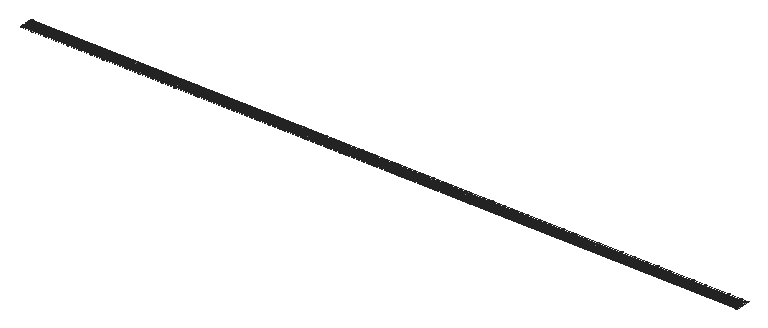
Revit family "Murfor Compact E-35 Masonry Reinforcement", category Specialty Equipment, Revit 2018
Family settings
  Round Connector Dimension = Use Diameter
  Part Type = Normal
  Work Plane-Based = No
  Always vertical = Yes
  Cut with Voids When Loaded = No
  Shared = No
  Room Calculation Point = No
Parameters (values of type "Murfor Compact E-35")
  Z = 36.50 mm
  Youngs Modulus - Gpa = 150
  Yield Strength - Mpa = 1300
  Y [instance] = X / 2  # 30
  X [instance] = Length L / Step c - 1  # 60
  Width - w = 35.00 mm
  Weight kg/ roll = "1.34kg per roll"
  URL = "https://www.bekaert.com/en/"
  Type Image = Murfor Compact E-35.PNG
  Type Comments = "A mesh consisiting of 7 steel coeds"
  Thickness - e = 1.75 mm
  Strain Agt = 2
  Step c = 33.00 mm
  Steel Section Total = 4.83 mm
  Pitch (short) - a = 5.00 mm
  Pitch (long) - b = 7.50 mm
  Material Coating Reference EN845-3 = "R1"
  Material = Austenitic Stainless Steel
  Manufacturer = "Bekaert"
  Longtidinal Cord = 0.69 mm
  Length L [instance] = 2000.00 mm
  Keynote = "suitable for all mortar joints with thickness between 3mm and 12mm."
  Description = "Compact masonry reinforcement, steel chords on interwoven fibreglass roving"
  Datasheet = "https://www.bekaert.com/en/product-catalog/content/datasheets/Murfor-Compact"
  Application = "Murfor Compacyt E-35 is made from Austenitic Stainless steel (Molybdene - chrome - nickel alloy). This type of reinforcement has been specifically designed for exterior masonry (exposure class MX2, MX3 and MX4, xompliant wit Eurocode 6/EN 845/3)."
Reference planes
  plane 1 "Center (Front/Back)": y = 0
  plane 2: z = 0
  plane 3 "Center (Left/Right)": x = 0
  plane 4 "Center L/S": x = 2000
  plane 5 "Center L/T": y = 35
  plane 6 "Center L/U": y = 5
  plane 7 "Center L/V": y = 10
  plane 8 "Center L/W": y = 17.5
  plane 9 "Center L/X": y = 25
  plane 10 "Center L/Y": y = 30
  plane 11 "Center L/Z": y = -1.75
  plane 12 "Center L/AA": y = 36.75
  plane 13: z = 0.875
Lines and regions (mm)
  symbolic lines, style "Masonry Reinforcement"
    curve 1: line (0, 36.75, 0) -> (2000, 36.75, 0)
    curve 2: line (0, -1.75, 0) -> (0, 36.75, 0)
    curve 3: line (2000, -1.75, 0) -> (0, -1.75, 0)
    curve 4: line (2000, 36.75, 0) -> (2000, -1.75, 0)
    curve 5: line (0, 25, 0) -> (2000, 25, 0)
    curve 6: line (0, 17.5, 0) -> (2000, 17.5, 0)
    curve 7: line (0, 10, 0) -> (2000, 10, 0)
  symbolic lines
    curve 8: line (0, 0, 0) -> (33, 35.985, 0)
    curve 9: line (33, 35.985, 0) -> (66, -0.515, 0)
    curve 12: line (66, 0, 0) -> (99, 35.985, 0)
    curve 13: line (99, 35.985, 0) -> (132, -0.515, 0)
    curve 14: line (132, 0, 0) -> (165, 35.985, 0)
    curve 15: line (165, 35.985, 0) -> (198, -0.515, 0)
    curve 16: line (198, 0, 0) -> (231, 35.985, 0)
    curve 17: line (231, 35.985, 0) -> (264, -0.515, 0)
    curve 18: line (264, 0, 0) -> (297, 35.985, 0)
    curve 19: line (297, 35.985, 0) -> (330, -0.515, 0)
    curve 20: line (330, 0, 0) -> (363, 35.985, 0)
    curve 21: line (363, 35.985, 0) -> (396, -0.515, 0)
    curve 22: line (396, 0, 0) -> (429, 35.985, 0)
    curve 23: line (429, 35.985, 0) -> (462, -0.515, 0)
    curve 24: line (462, 0, 0) -> (495, 35.985, 0)
    curve 25: line (495, 35.985, 0) -> (528, -0.515, 0)
    curve 26: line (528, 0, 0) -> (561, 35.985, 0)
    curve 27: line (561, 35.985, 0) -> (594, -0.515, 0)
    curve 28: line (594, 0, 0) -> (627, 35.985, 0)
    curve 29: line (627, 35.985, 0) -> (660, -0.515, 0)
    curve 30: line (660, 0, 0) -> (693, 35.985, 0)
    curve 31: line (693, 35.985, 0) -> (726, -0.515, 0)
    curve 32: line (726, 0, 0) -> (759, 35.985, 0)
    curve 33: line (759, 35.985, 0) -> (792, -0.515, 0)
    curve 34: line (792, 0, 0) -> (825, 35.985, 0)
    curve 35: line (825, 35.985, 0) -> (858, -0.515, 0)
    curve 36: line (858, 0, 0) -> (891, 35.985, 0)
    curve 37: line (891, 35.985, 0) -> (924, -0.515, 0)
    curve 38: line (924, 0, 0) -> (957, 35.985, 0)
    curve 39: line (957, 35.985, 0) -> (990, -0.515, 0)
    curve 40: line (990, 0, 0) -> (1023, 35.985, 0)
    curve 41: line (1023, 35.985, 0) -> (1056, -0.515, 0)
    curve 42: line (1056, 0, 0) -> (1089, 35.985, 0)
    curve 43: line (1089, 35.985, 0) -> (1122, -0.515, 0)
    curve 44: line (1122, 0, 0) -> (1155, 35.985, 0)
    curve 45: line (1155, 35.985, 0) -> (1188, -0.515, 0)
    curve 46: line (1188, 0, 0) -> (1221, 35.985, 0)
    curve 47: line (1221, 35.985, 0) -> (1254, -0.515, 0)
    curve 48: line (1254, 0, 0) -> (1287, 35.985, 0)
    curve 49: line (1287, 35.985, 0) -> (1320, -0.515, 0)
    curve 50: line (1320, 0, 0) -> (1353, 35.985, 0)
    curve 51: line (1353, 35.985, 0) -> (1386, -0.515, 0)
    curve 52: line (1386, 0, 0) -> (1419, 35.985, 0)
    curve 53: line (1419, 35.985, 0) -> (1452, -0.515, 0)
    curve 54: line (1452, 0, 0) -> (1485, 35.985, 0)
    curve 55: line (1485, 35.985, 0) -> (1518, -0.515, 0)
    curve 56: line (1518, 0, 0) -> (1551, 35.985, 0)
    curve 57: line (1551, 35.985, 0) -> (1584, -0.515, 0)
    curve 58: line (1584, 0, 0) -> (1617, 35.985, 0)
    curve 59: line (1617, 35.985, 0) -> (1650, -0.515, 0)
    curve 60: line (1650, 0, 0) -> (1683, 35.985, 0)
    curve 61: line (1683, 35.985, 0) -> (1716, -0.515, 0)
    curve 62: line (1716, 0, 0) -> (1749, 35.985, 0)
    curve 63: line (1749, 35.985, 0) -> (1782, -0.515, 0)
    curve 64: line (1782, 0, 0) -> (1815, 35.985, 0)
    curve 65: line (1815, 35.985, 0) -> (1848, -0.515, 0)
    curve 66: line (1848, 0, 0) -> (1881, 35.985, 0)
    curve 67: line (1881, 35.985, 0) -> (1914, -0.515, 0)
    curve 68: line (1914, 0, 0) -> (1947, 35.985, 0)
    curve 69: line (1947, 35.985, 0) -> (1980, -0.515, 0)
  symbolic lines, not visible
    curve 10: line (0, 0, 0) -> (33, 35.985, 0)
    curve 11: line (33, 35.985, 0) -> (66, -0.515, 0)
Dimensions and locks
  "Length L": plane 3 "Center (Left/Right)" to plane 4 "Center L/S"
  plane 1 "Center (Front/Back)" to plane 5 "Center L/T" = 35.00 mm
  "Pitch (short) - a": plane 1 "Center (Front/Back)" to plane 6 "Center L/U"
  "Pitch (short) - a": plane 6 "Center L/U" to plane 7 "Center L/V"
  "Pitch (short) - a": plane 10 "Center L/Y" to plane 5 "Center L/T"
  "Pitch (short) - a": plane 9 "Center L/X" to plane 10 "Center L/Y"
  "Pitch (long) - b": plane 8 "Center L/W" to plane 9 "Center L/X"
  "Pitch (long) - b": plane 7 "Center L/V" to plane 8 "Center L/W"
  "Thickness - e": plane 5 "Center L/T" to plane 12 "Center L/AA"
  "Thickness - e": plane 11 "Center L/Z" to plane 1 "Center (Front/Back)"
  "Step c": plane 3 "Center (Left/Right)" to nested 8
  nested 8 to level = 0.00 mm
  equal spacing: group 2, group 4, group 5, group 6, group 7, group 8, group 9, group 10, group 11, group 12, group 13, group 14, group 15, group 16, group 17, group 18, group 19, group 20, group 21, group 22, group 23, group 24, group 25, group 26, group 27, group 28, group 29, group 30, group 31, group 32  (x3)
  equal spacing: group 1, group 33, group 34, group 35, group 36, group 37, group 38, group 39, group 40, group 41, group 42, group 43, group 44, group 45, group 46, group 47, group 48, group 49, group 50, group 51, group 52, group 53, group 54, group 55, group 56, group 57, group 58, group 59, group 60, group 61, group 62, group 63, group 64, group 65, group 66, group 67, group 68, group 69, group 70, group 71, group 72, group 73, group 74, group 75, group 76, group 77, group 78, group 79, group 80, group 81, group 82, group 83, group 84, group 85, group 86, group 87, group 88, group 89, group 90, group 91  (x3)
  aligned and locked: level to plane 2
  aligned and locked: plane 1 "Center (Front/Back)" to nested 1
  aligned and locked: plane 3 "Center (Left/Right)" to nested 1
  aligned and locked: plane 5 "Center L/T" to nested 6
  aligned and locked: plane 3 "Center (Left/Right)" to nested 6
  aligned and locked: plane 3 "Center (Left/Right)" to nested 5
  aligned and locked: plane 3 "Center (Left/Right)" to nested 7
  aligned and locked: plane 3 "Center (Left/Right)" to nested 4
  aligned and locked: plane 3 "Center (Left/Right)" to nested 3
  aligned and locked: plane 3 "Center (Left/Right)" to nested 2
  aligned and locked: nested 1 to plane 3 "Center (Left/Right)"
  aligned and locked: plane 6 "Center L/U" to nested 2
  aligned and locked: plane 7 "Center L/V" to nested 3
  aligned and locked: plane 8 "Center L/W" to nested 4
  aligned and locked: plane 9 "Center L/X" to nested 7
  aligned and locked: plane 10 "Center L/Y" to nested 5
  aligned and locked: plane 4 "Center L/S" to nested 6
  aligned and locked: plane 4 "Center L/S" to nested 5
  aligned and locked: plane 4 "Center L/S" to nested 7
  aligned and locked: plane 4 "Center L/S" to nested 4
  aligned and locked: plane 4 "Center L/S" to nested 3
  aligned and locked: plane 4 "Center L/S" to nested 1
  aligned and locked: plane 4 "Center L/S" to nested 2
  aligned and locked: plane 12 "Center L/AA" to curve 1
  aligned and locked: plane 3 "Center (Left/Right)" to curve 2
  aligned and locked: curve 3 to plane 11 "Center L/Z"
  aligned and locked: curve 2 to curve 7
  aligned and locked: plane 4 "Center L/S" to curve 7
Automatic sketch dimensions
  plane 7 "Center L/V" to curve 7 = 0.00 mm
  plane 8 "Center L/W" to curve 6 = 0.00 mm
  plane 9 "Center L/X" to curve 5 = 0.00 mm
  curve 8 to curve 9 = 33.00 mm
  curve 9 to curve 9 = 33.00 mm
  curve 9 to curve 8 = 0.515 mm
  curve 8 to curve 9 = 35.985 mm
  curve 10 to curve 11 = 33.00 mm
  curve 11 to curve 11 = 33.00 mm
  curve 11 to curve 10 = 0.515 mm
  curve 10 to curve 11 = 35.985 mm
  curve 12 to curve 13 = 33.00 mm
  curve 13 to curve 13 = 33.00 mm
  curve 13 to curve 12 = 0.515 mm
  curve 12 to curve 13 = 35.985 mm
  curve 14 to curve 15 = 33.00 mm
  curve 15 to curve 15 = 33.00 mm
  curve 15 to curve 14 = 0.515 mm
  curve 14 to curve 15 = 35.985 mm
  curve 16 to curve 17 = 33.00 mm
  curve 17 to curve 17 = 33.00 mm
  curve 17 to curve 16 = 0.515 mm
  curve 16 to curve 17 = 35.985 mm
  curve 18 to curve 19 = 33.00 mm
  curve 19 to curve 19 = 33.00 mm
  curve 19 to curve 18 = 0.515 mm
  curve 18 to curve 19 = 35.985 mm
  curve 20 to curve 21 = 33.00 mm
  curve 21 to curve 21 = 33.00 mm
  curve 21 to curve 20 = 0.515 mm
  curve 20 to curve 21 = 35.985 mm
  curve 22 to curve 23 = 33.00 mm
  curve 23 to curve 23 = 33.00 mm
  curve 23 to curve 22 = 0.515 mm
  curve 22 to curve 23 = 35.985 mm
  curve 24 to curve 25 = 33.00 mm
  curve 25 to curve 25 = 33.00 mm
  curve 25 to curve 24 = 0.515 mm
  curve 24 to curve 25 = 35.985 mm
  curve 26 to curve 27 = 33.00 mm
  curve 27 to curve 27 = 33.00 mm
  curve 27 to curve 26 = 0.515 mm
  curve 26 to curve 27 = 35.985 mm
  curve 28 to curve 29 = 33.00 mm
  curve 29 to curve 29 = 33.00 mm
  curve 29 to curve 28 = 0.515 mm
  curve 28 to curve 29 = 35.985 mm
  curve 30 to curve 31 = 33.00 mm
  curve 31 to curve 31 = 33.00 mm
  curve 31 to curve 30 = 0.515 mm
  curve 30 to curve 31 = 35.985 mm
  curve 32 to curve 33 = 33.00 mm
  curve 33 to curve 33 = 33.00 mm
  curve 33 to curve 32 = 0.515 mm
  curve 32 to curve 33 = 35.985 mm
  curve 34 to curve 35 = 33.00 mm
  curve 35 to curve 35 = 33.00 mm
  curve 35 to curve 34 = 0.515 mm
  curve 34 to curve 35 = 35.985 mm
  curve 36 to curve 37 = 33.00 mm
  curve 37 to curve 37 = 33.00 mm
  curve 37 to curve 36 = 0.515 mm
  curve 36 to curve 37 = 35.985 mm
  curve 38 to curve 39 = 33.00 mm
  curve 39 to curve 39 = 33.00 mm
  curve 39 to curve 38 = 0.515 mm
  curve 38 to curve 39 = 35.985 mm
  curve 40 to curve 41 = 33.00 mm
  curve 41 to curve 41 = 33.00 mm
  curve 41 to curve 40 = 0.515 mm
  curve 40 to curve 41 = 35.985 mm
  curve 42 to curve 43 = 33.00 mm
  curve 43 to curve 43 = 33.00 mm
  curve 43 to curve 42 = 0.515 mm
  curve 42 to curve 43 = 35.985 mm
  curve 44 to curve 45 = 33.00 mm
  curve 45 to curve 45 = 33.00 mm
  curve 45 to curve 44 = 0.515 mm
  curve 44 to curve 45 = 35.985 mm
  curve 46 to curve 47 = 33.00 mm
  curve 47 to curve 47 = 33.00 mm
  curve 47 to curve 46 = 0.515 mm
  curve 46 to curve 47 = 35.985 mm
  curve 48 to curve 49 = 33.00 mm
  curve 49 to curve 49 = 33.00 mm
  curve 49 to curve 48 = 0.515 mm
  curve 48 to curve 49 = 35.985 mm
  curve 50 to curve 51 = 33.00 mm
  curve 51 to curve 51 = 33.00 mm
  curve 51 to curve 50 = 0.515 mm
  curve 50 to curve 51 = 35.985 mm
  curve 52 to curve 53 = 33.00 mm
  curve 53 to curve 53 = 33.00 mm
  curve 53 to curve 52 = 0.515 mm
  curve 52 to curve 53 = 35.985 mm
  curve 54 to curve 55 = 33.00 mm
  curve 55 to curve 55 = 33.00 mm
  curve 55 to curve 54 = 0.515 mm
  curve 54 to curve 55 = 35.985 mm
  curve 56 to curve 57 = 33.00 mm
  curve 57 to curve 57 = 33.00 mm
  curve 57 to curve 56 = 0.515 mm
  curve 56 to curve 57 = 35.985 mm
  curve 58 to curve 59 = 33.00 mm
  curve 59 to curve 59 = 33.00 mm
  curve 59 to curve 58 = 0.515 mm
  curve 58 to curve 59 = 35.985 mm
  curve 60 to curve 61 = 33.00 mm
  curve 61 to curve 61 = 33.00 mm
  curve 61 to curve 60 = 0.515 mm
  curve 60 to curve 61 = 35.985 mm
  curve 62 to curve 63 = 33.00 mm
  curve 63 to curve 63 = 33.00 mm
  curve 63 to curve 62 = 0.515 mm
  curve 62 to curve 63 = 35.985 mm
  curve 64 to curve 65 = 33.00 mm
  curve 65 to curve 65 = 33.00 mm
  curve 65 to curve 64 = 0.515 mm
  curve 64 to curve 65 = 35.985 mm
  curve 66 to curve 67 = 33.00 mm
  curve 67 to curve 67 = 33.00 mm
  curve 67 to curve 66 = 0.515 mm
  curve 66 to curve 67 = 35.985 mm
  curve 68 to curve 69 = 33.00 mm
  curve 69 to curve 69 = 33.00 mm
  curve 69 to curve 68 = 0.515 mm
  curve 68 to curve 69 = 35.985 mm
Nested families
  nested 1: "Murfor Cord Section" at (0, 0, 0), type "Murfor Cord Section"
    with Material Austenitic Stainless Steel, Length 2000.00 mm
  nested 2: "Murfor Cord Section" at (0, 5, 0), type "Murfor Cord Section"
    with Material Austenitic Stainless Steel, Length 2000.00 mm
  nested 3: "Murfor Cord Section" at (0, 10, 0), type "Murfor Cord Section"
    with Material Austenitic Stainless Steel, Length 2000.00 mm
  nested 4: "Murfor Cord Section" at (0, 17.5, 0), type "Murfor Cord Section"
    with Material Austenitic Stainless Steel, Length 2000.00 mm
  nested 5: "Murfor Cord Section" at (0, 30, 0), type "Murfor Cord Section"
    with Material Austenitic Stainless Steel, Length 2000.00 mm
  nested 6: "Murfor Cord Section" at (0, 35, 0), type "Murfor Cord Section"
    with Material Austenitic Stainless Steel, Length 2000.00 mm
  nested 7: "Murfor Cord Section" at (0, 25, 0), type "Murfor Cord Section"
    with Material Austenitic Stainless Steel, Length 2000.00 mm
  nested 8: "Murfor Cord Section" at (33, -0.515, 0) x (0, 1, 0) z (0, 0, 1), Length <- "Z", type "Murfor Cord Cross Section"
    with Material Austenitic Stainless Steel, Length 36.50 mm
  nested 9: "Murfor Cord Section" at (66, -0.515, 0) x (0, 1, 0) z (0, 0, 1), Length <- "Z", type "Murfor Cord Cross Section"
    with Material Austenitic Stainless Steel, Length 36.50 mm
  nested 10: "Murfor Cord Section" at (99, -0.515, 0) x (0, 1, 0) z (0, 0, 1), Length <- "Z", type "Murfor Cord Cross Section"
    with Material Austenitic Stainless Steel, Length 36.50 mm
  nested 11: "Murfor Cord Section" at (132, -0.515, 0) x (0, 1, 0) z (0, 0, 1), Length <- "Z", type "Murfor Cord Cross Section"
    with Material Austenitic Stainless Steel, Length 36.50 mm
  nested 12: "Murfor Cord Section" at (165, -0.515, 0) x (0, 1, 0) z (0, 0, 1), Length <- "Z", type "Murfor Cord Cross Section"
    with Material Austenitic Stainless Steel, Length 36.50 mm
  nested 13: "Murfor Cord Section" at (198, -0.515, 0) x (0, 1, 0) z (0, 0, 1), Length <- "Z", type "Murfor Cord Cross Section"
    with Material Austenitic Stainless Steel, Length 36.50 mm
  nested 14: "Murfor Cord Section" at (231, -0.515, 0) x (0, 1, 0) z (0, 0, 1), Length <- "Z", type "Murfor Cord Cross Section"
    with Material Austenitic Stainless Steel, Length 36.50 mm
  nested 15: "Murfor Cord Section" at (264, -0.515, 0) x (0, 1, 0) z (0, 0, 1), Length <- "Z", type "Murfor Cord Cross Section"
    with Material Austenitic Stainless Steel, Length 36.50 mm
  nested 16: "Murfor Cord Section" at (297, -0.515, 0) x (0, 1, 0) z (0, 0, 1), Length <- "Z", type "Murfor Cord Cross Section"
    with Material Austenitic Stainless Steel, Length 36.50 mm
  nested 17: "Murfor Cord Section" at (330, -0.515, 0) x (0, 1, 0) z (0, 0, 1), Length <- "Z", type "Murfor Cord Cross Section"
    with Material Austenitic Stainless Steel, Length 36.50 mm
  nested 18: "Murfor Cord Section" at (363, -0.515, 0) x (0, 1, 0) z (0, 0, 1), Length <- "Z", type "Murfor Cord Cross Section"
    with Material Austenitic Stainless Steel, Length 36.50 mm
  nested 19: "Murfor Cord Section" at (396, -0.515, 0) x (0, 1, 0) z (0, 0, 1), Length <- "Z", type "Murfor Cord Cross Section"
    with Material Austenitic Stainless Steel, Length 36.50 mm
  nested 20: "Murfor Cord Section" at (429, -0.515, 0) x (0, 1, 0) z (0, 0, 1), Length <- "Z", type "Murfor Cord Cross Section"
    with Material Austenitic Stainless Steel, Length 36.50 mm
  nested 21: "Murfor Cord Section" at (462, -0.515, 0) x (0, 1, 0) z (0, 0, 1), Length <- "Z", type "Murfor Cord Cross Section"
    with Material Austenitic Stainless Steel, Length 36.50 mm
  nested 22: "Murfor Cord Section" at (495, -0.515, 0) x (0, 1, 0) z (0, 0, 1), Length <- "Z", type "Murfor Cord Cross Section"
    with Material Austenitic Stainless Steel, Length 36.50 mm
  nested 23: "Murfor Cord Section" at (528, -0.515, 0) x (0, 1, 0) z (0, 0, 1), Length <- "Z", type "Murfor Cord Cross Section"
    with Material Austenitic Stainless Steel, Length 36.50 mm
  nested 24: "Murfor Cord Section" at (561, -0.515, 0) x (0, 1, 0) z (0, 0, 1), Length <- "Z", type "Murfor Cord Cross Section"
    with Material Austenitic Stainless Steel, Length 36.50 mm
  nested 25: "Murfor Cord Section" at (594, -0.515, 0) x (0, 1, 0) z (0, 0, 1), Length <- "Z", type "Murfor Cord Cross Section"
    with Material Austenitic Stainless Steel, Length 36.50 mm
  nested 26: "Murfor Cord Section" at (627, -0.515, 0) x (0, 1, 0) z (0, 0, 1), Length <- "Z", type "Murfor Cord Cross Section"
    with Material Austenitic Stainless Steel, Length 36.50 mm
  nested 27: "Murfor Cord Section" at (660, -0.515, 0) x (0, 1, 0) z (0, 0, 1), Length <- "Z", type "Murfor Cord Cross Section"
    with Material Austenitic Stainless Steel, Length 36.50 mm
  nested 28: "Murfor Cord Section" at (693, -0.515, 0) x (0, 1, 0) z (0, 0, 1), Length <- "Z", type "Murfor Cord Cross Section"
    with Material Austenitic Stainless Steel, Length 36.50 mm
  nested 29: "Murfor Cord Section" at (726, -0.515, 0) x (0, 1, 0) z (0, 0, 1), Length <- "Z", type "Murfor Cord Cross Section"
    with Material Austenitic Stainless Steel, Length 36.50 mm
  nested 30: "Murfor Cord Section" at (759, -0.515, 0) x (0, 1, 0) z (0, 0, 1), Length <- "Z", type "Murfor Cord Cross Section"
    with Material Austenitic Stainless Steel, Length 36.50 mm
  nested 31: "Murfor Cord Section" at (792, -0.515, 0) x (0, 1, 0) z (0, 0, 1), Length <- "Z", type "Murfor Cord Cross Section"
    with Material Austenitic Stainless Steel, Length 36.50 mm
  nested 32: "Murfor Cord Section" at (825, -0.515, 0) x (0, 1, 0) z (0, 0, 1), Length <- "Z", type "Murfor Cord Cross Section"
    with Material Austenitic Stainless Steel, Length 36.50 mm
  nested 33: "Murfor Cord Section" at (858, -0.515, 0) x (0, 1, 0) z (0, 0, 1), Length <- "Z", type "Murfor Cord Cross Section"
    with Material Austenitic Stainless Steel, Length 36.50 mm
  nested 34: "Murfor Cord Section" at (891, -0.515, 0) x (0, 1, 0) z (0, 0, 1), Length <- "Z", type "Murfor Cord Cross Section"
    with Material Austenitic Stainless Steel, Length 36.50 mm
  nested 35: "Murfor Cord Section" at (924, -0.515, 0) x (0, 1, 0) z (0, 0, 1), Length <- "Z", type "Murfor Cord Cross Section"
    with Material Austenitic Stainless Steel, Length 36.50 mm
  nested 36: "Murfor Cord Section" at (957, -0.515, 0) x (0, 1, 0) z (0, 0, 1), Length <- "Z", type "Murfor Cord Cross Section"
    with Material Austenitic Stainless Steel, Length 36.50 mm
  nested 37: "Murfor Cord Section" at (990, -0.515, 0) x (0, 1, 0) z (0, 0, 1), Length <- "Z", type "Murfor Cord Cross Section"
    with Material Austenitic Stainless Steel, Length 36.50 mm
  nested 38: "Murfor Cord Section" at (1023, -0.515, 0) x (0, 1, 0) z (0, 0, 1), Length <- "Z", type "Murfor Cord Cross Section"
    with Material Austenitic Stainless Steel, Length 36.50 mm
  nested 39: "Murfor Cord Section" at (1056, -0.515, 0) x (0, 1, 0) z (0, 0, 1), Length <- "Z", type "Murfor Cord Cross Section"
    with Material Austenitic Stainless Steel, Length 36.50 mm
  nested 40: "Murfor Cord Section" at (1089, -0.515, 0) x (0, 1, 0) z (0, 0, 1), Length <- "Z", type "Murfor Cord Cross Section"
    with Material Austenitic Stainless Steel, Length 36.50 mm
  nested 41: "Murfor Cord Section" at (1122, -0.515, 0) x (0, 1, 0) z (0, 0, 1), Length <- "Z", type "Murfor Cord Cross Section"
    with Material Austenitic Stainless Steel, Length 36.50 mm
  nested 42: "Murfor Cord Section" at (1155, -0.515, 0) x (0, 1, 0) z (0, 0, 1), Length <- "Z", type "Murfor Cord Cross Section"
    with Material Austenitic Stainless Steel, Length 36.50 mm
  nested 43: "Murfor Cord Section" at (1188, -0.515, 0) x (0, 1, 0) z (0, 0, 1), Length <- "Z", type "Murfor Cord Cross Section"
    with Material Austenitic Stainless Steel, Length 36.50 mm
  nested 44: "Murfor Cord Section" at (1221, -0.515, 0) x (0, 1, 0) z (0, 0, 1), Length <- "Z", type "Murfor Cord Cross Section"
    with Material Austenitic Stainless Steel, Length 36.50 mm
  nested 45: "Murfor Cord Section" at (1254, -0.515, 0) x (0, 1, 0) z (0, 0, 1), Length <- "Z", type "Murfor Cord Cross Section"
    with Material Austenitic Stainless Steel, Length 36.50 mm
  nested 46: "Murfor Cord Section" at (1287, -0.515, 0) x (0, 1, 0) z (0, 0, 1), Length <- "Z", type "Murfor Cord Cross Section"
    with Material Austenitic Stainless Steel, Length 36.50 mm
  nested 47: "Murfor Cord Section" at (1320, -0.515, 0) x (0, 1, 0) z (0, 0, 1), Length <- "Z", type "Murfor Cord Cross Section"
    with Material Austenitic Stainless Steel, Length 36.50 mm
  nested 48: "Murfor Cord Section" at (1353, -0.515, 0) x (0, 1, 0) z (0, 0, 1), Length <- "Z", type "Murfor Cord Cross Section"
    with Material Austenitic Stainless Steel, Length 36.50 mm
  nested 49: "Murfor Cord Section" at (1386, -0.515, 0) x (0, 1, 0) z (0, 0, 1), Length <- "Z", type "Murfor Cord Cross Section"
    with Material Austenitic Stainless Steel, Length 36.50 mm
  nested 50: "Murfor Cord Section" at (1419, -0.515, 0) x (0, 1, 0) z (0, 0, 1), Length <- "Z", type "Murfor Cord Cross Section"
    with Material Austenitic Stainless Steel, Length 36.50 mm
  nested 51: "Murfor Cord Section" at (1452, -0.515, 0) x (0, 1, 0) z (0, 0, 1), Length <- "Z", type "Murfor Cord Cross Section"
    with Material Austenitic Stainless Steel, Length 36.50 mm
  nested 52: "Murfor Cord Section" at (1485, -0.515, 0) x (0, 1, 0) z (0, 0, 1), Length <- "Z", type "Murfor Cord Cross Section"
    with Material Austenitic Stainless Steel, Length 36.50 mm
  nested 53: "Murfor Cord Section" at (1518, -0.515, 0) x (0, 1, 0) z (0, 0, 1), Length <- "Z", type "Murfor Cord Cross Section"
    with Material Austenitic Stainless Steel, Length 36.50 mm
  nested 54: "Murfor Cord Section" at (1551, -0.515, 0) x (0, 1, 0) z (0, 0, 1), Length <- "Z", type "Murfor Cord Cross Section"
    with Material Austenitic Stainless Steel, Length 36.50 mm
  nested 55: "Murfor Cord Section" at (1584, -0.515, 0) x (0, 1, 0) z (0, 0, 1), Length <- "Z", type "Murfor Cord Cross Section"
    with Material Austenitic Stainless Steel, Length 36.50 mm
  nested 56: "Murfor Cord Section" at (1617, -0.515, 0) x (0, 1, 0) z (0, 0, 1), Length <- "Z", type "Murfor Cord Cross Section"
    with Material Austenitic Stainless Steel, Length 36.50 mm
  nested 57: "Murfor Cord Section" at (1650, -0.515, 0) x (0, 1, 0) z (0, 0, 1), Length <- "Z", type "Murfor Cord Cross Section"
    with Material Austenitic Stainless Steel, Length 36.50 mm
  nested 58: "Murfor Cord Section" at (1683, -0.515, 0) x (0, 1, 0) z (0, 0, 1), Length <- "Z", type "Murfor Cord Cross Section"
    with Material Austenitic Stainless Steel, Length 36.50 mm
  nested 59: "Murfor Cord Section" at (1716, -0.515, 0) x (0, 1, 0) z (0, 0, 1), Length <- "Z", type "Murfor Cord Cross Section"
    with Material Austenitic Stainless Steel, Length 36.50 mm
  nested 60: "Murfor Cord Section" at (1749, -0.515, 0) x (0, 1, 0) z (0, 0, 1), Length <- "Z", type "Murfor Cord Cross Section"
    with Material Austenitic Stainless Steel, Length 36.50 mm
  nested 61: "Murfor Cord Section" at (1782, -0.515, 0) x (0, 1, 0) z (0, 0, 1), Length <- "Z", type "Murfor Cord Cross Section"
    with Material Austenitic Stainless Steel, Length 36.50 mm
  nested 62: "Murfor Cord Section" at (1815, -0.515, 0) x (0, 1, 0) z (0, 0, 1), Length <- "Z", type "Murfor Cord Cross Section"
    with Material Austenitic Stainless Steel, Length 36.50 mm
  nested 63: "Murfor Cord Section" at (1848, -0.515, 0) x (0, 1, 0) z (0, 0, 1), Length <- "Z", type "Murfor Cord Cross Section"
    with Material Austenitic Stainless Steel, Length 36.50 mm
  nested 64: "Murfor Cord Section" at (1881, -0.515, 0) x (0, 1, 0) z (0, 0, 1), Length <- "Z", type "Murfor Cord Cross Section"
    with Material Austenitic Stainless Steel, Length 36.50 mm
  nested 65: "Murfor Cord Section" at (1914, -0.515, 0) x (0, 1, 0) z (0, 0, 1), Length <- "Z", type "Murfor Cord Cross Section"
    with Material Austenitic Stainless Steel, Length 36.50 mm
  nested 66: "Murfor Cord Section" at (1947, -0.515, 0) x (0, 1, 0) z (0, 0, 1), Length <- "Z", type "Murfor Cord Cross Section"
    with Material Austenitic Stainless Steel, Length 36.50 mm
  nested 67: "Murfor Cord Section" at (1980, -0.515, 0) x (0, 1, 0) z (0, 0, 1), Length <- "Z", type "Murfor Cord Cross Section"
    with Material Austenitic Stainless Steel, Length 36.50 mm
Definition of nested family "Murfor Cord Section"
  Parameters (values of type "Murfor Cord Section")
    Thickness - e = 1.75 mm
    Material [instance] = none
    Length [instance] = 1000.00 mm
  Types (2, lengths in mm): name | Thickness - e
    Murfor Cord Section | 1.75
    Murfor Cord Cross Section | 0.90
  Reference planes
    plane 1 "Center (Front/Back)": y = 0
    plane 2: z = 0
    plane 3 "Center (Left/Right)": x = 0
    plane 4: x = 1000
  Forms (mm)
    Extrusion 1, solid, material <- "Material"
      sketch origin (0, 0, 0) x (0, 1, 0) y (0, 0, 1)
        loop
          circle (0, 0) r 0.875
      from 0 to 1000
  Dimensions and locks
    "Length": plane 3 "Center (Left/Right)" to plane 4
    "Thickness - e": diameter of Extrusion 1 sketch curve
    aligned and locked: level to plane 2
    aligned and locked: Extrusion 1 to plane 3 "Center (Left/Right)"
    aligned and locked: plane 4 to Extrusion 1
  Automatic sketch dimensions
    Extrusion 1 sketch curve to level = 0.00 mm
    Extrusion 1 sketch curve to plane 1 "Center (Front/Back)" = 0.00 mm
